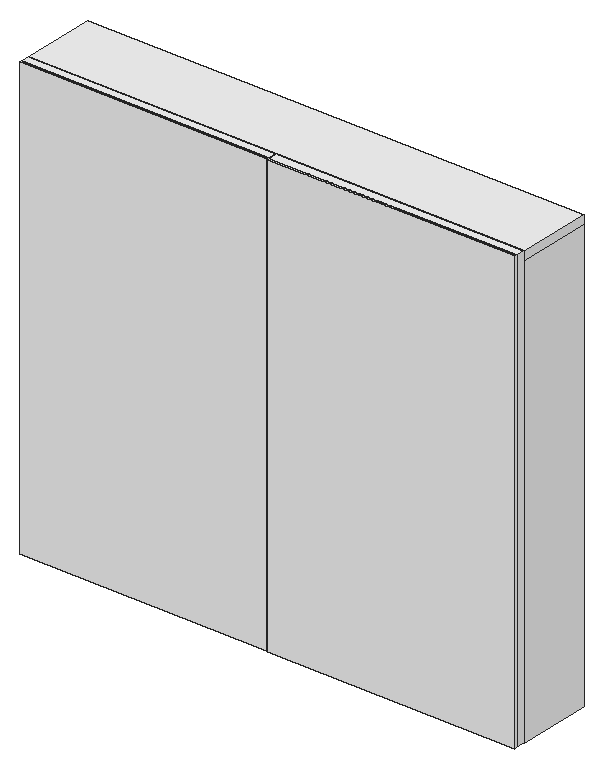
Revit family "Reece_Mirror_Posh_Domaine_Mirror Cabinet", category Casework, Revit 2018
Family settings
  Work Plane-Based = Yes
  Always vertical = Yes
  Cut with Voids When Loaded = Yes
  Shared = Yes
  Room Calculation Point = Yes
Parameters (values of type "900 mm x 800 mm_2 Doors")
  Width = Reece_Overall_Width  # 900 mm
  URL = "https://www.reece.com.au/product/-2351382"
  Type Comments = "Mirror"
  Reece_Shelf_Visibility = yes
  Reece_Product_Web Page = "https://www.reece.com.au/product/-2351382"
  Reece_Product_Type = "Mirror"  # constant formula
  Reece_Product_Sub Brand = "Domaine"  # constant formula
  Reece_Product_Number = "2351382"
  Reece_Product_Mount = "Wall Mounted"
  Reece_Product_Finishes_Web Page = "https://digitalassets.reecegroup.com.au/m/6d9540dd98ec1349/original/Finish-and-Material-Variations-ADP-Shaving-Cabinets-and-Tall-Boy.pdf"
  Reece_Product_Description = "Posh Domaine 900mm x 800mm Shaving Cabinet Standard 2 Door"
  Reece_Product_Brand = "Posh"  # constant formula
  Reece_Panels_Count = 2
  Reece_Panel_Width = ((Reece_Overall_Width - 2 mm) - (Reece_Panels_Count - 1) * 2.5 mm) / Reece_Panels_Count  # 447.75 mm
  Reece_Overall_Width = 900 mm
  Reece_Overall_Height [instance] = 800 mm
  Reece_Overall_Depth = 150 mm  # constant formula
  Reece_Open_Shelf_Height = if((Reece_Has_Open_Shelf), 200 mm, 0 mm)  # 0 mm
  Reece_Material_Shelf = Reece_Glass_Transparent_Grey
  Reece_Material_Colour = Reece_Light_LED_White
  Reece_Magnifying_Mirror_On [instance] = no
  Reece_Material_Secondary = Reece_Plastic_White
  Reece_Material_Main = Reece_Glass_Mirror
  Reece_Material_Cabinet = Reece_Solid_Surface_Matte_White
  Reece_Height_From_Level [instance] = 1000 mm
  Reece_Has_Open_Shelf = no
  Reece_Dividers = if(Reece_Divider_Count = 2, 1 = 1, 1 = 0)  # no
  Reece_Divider_Count = if(or(Reece_Panels_Count = 1, Reece_Panels_Count = 4), 1, Reece_Panels_Count - 1)  # 1
  Reece_Detail_Shape = ""
  Reece_Detail_Installation = ""
  Reece_Detail_Disclaimer = "THIS FILE IS THE PROPERTY OF THE REECE GROUP. IT MAY NOT BE REPRODUCED, REVERSE-ENGINEERED OR MODIFIED. ANY REPUBLICATION, TRANSMISSION OR DISTRIBUTION FOR THE PURPOSE OF COMMERCIALLY EXPLOITING THE FILES IS PROHIBITED."  # constant formula
  Reece_Detail_Connector = ""
  Reece_Detail_Additional = "Please refer to Colour, Finish and Material Variations Document in the Reece_Product_Finishes_Web Page parameter for more information."  # constant formula
  Reece_Central_Divider_Visibility = no
  Reece_Cabinet_Height = 800 mm  # constant formula
  Reece_Bottom_Shelf_Offset = 0 mm  # constant formula
  Reece_Bottom_Shelf_Face_Offset = 0 mm  # constant formula
  Reece_Array_Count = if(Reece_Panels_Count = 1, 2, Reece_Panels_Count)  # 2
  Model = "Domaine"
  Manufacturer = "Posh"
  Keynote = "Product #2351382, Reece_Mirror_Posh_Domaine_Mirror Cabinet - 900 mm x 800 mm_2 Doors"
  Height = Reece_Cabinet_Height + Reece_Open_Shelf_Height  # 800 mm
  Finish = "Please refer to Colour, Finish and Material Variations Document in the Reece_Product_Finishes_Web Page parameter for more information."  # constant formula
  Disclaimer = "THIS FILE IS THE PROPERTY OF THE REECE GROUP. IT MAY NOT BE REPRODUCED, REVERSE-ENGINEERED OR MODIFIED. ANY REPUBLICATION, TRANSMISSION OR DISTRIBUTION FOR THE PURPOSE OF COMMERCIALLY EXPLOITING THE FILES IS PROHIBITED."  # constant formula
  Description = "Posh Domaine 900mm x 800mm Shaving Cabinet Standard 2 Door"
  Depth = Reece_Overall_Depth  # 150 mm
  Default Elevation = 0 mm
Types (17, lengths in mm): name | Width | URL | Reece_Shelf_Visibility | Reece_Product_Web Page | Reece_Product_Number | Reece_Product_Finishes_Web Page | Reece_Product_Description | Reece_Panels_Count | Reece_Panel_Width | Reece_Overall_Width | Reece_Overall_Height | Reece_Open_Shelf_Height | Reece_Magnifying_Mirror_On | Reece_Has_Open_Shelf | Reece_Dividers | Reece_Divider_Count | Reece_Central_Divider_Visibility | Reece_Array_Count | Keynote | Height | Description
  300 mm x 1000 mm_1 Door | 300 | "https://www.reece.com.au/product/-2351370" | yes | "https://www.reece.com.au/product/-2351370" | "2351370" | "https://digitalassets.reecegroup.com.au/m/6d9540dd98ec1349/original/Finish-and-Material-Variations-ADP-Shaving-Cabinets-and-Tall-Boy.pdf" | "Posh Domaine 300mm x 1000mm Shaving Cabinet Open Shelf 1 Door" | 1 | 298 | 300 | 1000 | 200 | yes | yes | no | 1 | no | 2 | "Product #2351370, Reece_Mirror_Posh_Domaine_Mirror Cabinet - 300 mm x 1000 mm_1 Door" | 1000 | "Posh Domaine 300mm x 1000mm Shaving Cabinet Open Shelf 1 Door"
  300 mm x 800 mm_1 Door | 300 | "https://www.reece.com.au/product/-2351377" | no | "https://www.reece.com.au/product/-2351377" | "2351377" | "https://digitalassets.reecegroup.com.au/m/6d9540dd98ec1349/original/Finish-and-Material-Variations-ADP-Shaving-Cabinets-and-Tall-Boy.pdf" | "Posh Domaine 300mm x 800mm Shaving Cabinet Standard 1 Door" | 1 | 298 | 300 | 800 | 0 | yes | no | no | 1 | no | 2 | "Product #2351377, Reece_Mirror_Posh_Domaine_Mirror Cabinet - 300 mm x 800 mm_1 Door" | 800 | "Posh Domaine 300mm x 800mm Shaving Cabinet Standard 1 Door"
  400 mm x 1000 mm_1 Door | 400 | "https://www.reece.com.au/product/-2351371" | yes | "https://www.reece.com.au/product/-2351371" | "2351371" | "https://digitalassets.reecegroup.com.au/m/6d9540dd98ec1349/original/Finish-and-Material-Variations-ADP-Shaving-Cabinets-and-Tall-Boy.pdf" | "Posh Domaine 400mm x 1000mm Shaving Cabinet Open Shelf 1 Door" | 1 | 398 | 400 | 1000 | 200 | yes | yes | no | 1 | no | 2 | "Product #2351371, Reece_Mirror_Posh_Domaine_Mirror Cabinet - 400 mm x 1000 mm_1 Door" | 1000 | "Posh Domaine 400mm x 1000mm Shaving Cabinet Open Shelf 1 Door"
  400 mm x 800 mm_1 Door | 400 | "https://www.reece.com.au/product/-2351378" | yes | "https://www.reece.com.au/product/-2351378" | "2351378" | "https://digitalassets.reecegroup.com.au/m/6d9540dd98ec1349/original/Finish-and-Material-Variations-ADP-Shaving-Cabinets-and-Tall-Boy.pdf" | "Posh Domaine 400mm x 800mm Shaving Cabinet Standard 1 Door" | 1 | 398 | 400 | 800 | 0 | no | no | no | 1 | no | 2 | "Product #2351378, Reece_Mirror_Posh_Domaine_Mirror Cabinet - 400 mm x 800 mm_1 Door" | 800 | "Posh Domaine 400mm x 800mm Shaving Cabinet Standard 1 Door"
  500 mm x 1000 mm_1 Door | 500 | "https://www.reece.com.au/product/-2351372" | yes | "https://www.reece.com.au/product/-2351372" | "2351372" | "https://digitalassets.reecegroup.com.au/m/6d9540dd98ec1349/original/Finish-and-Material-Variations-ADP-Shaving-Cabinets-and-Tall-Boy.pdf" | "Posh Domaine 500mm x 1000mm Shaving Cabinet Open Shelf 1 Door" | 1 | 498 | 500 | 1000 | 200 | yes | yes | no | 1 | no | 2 | "Product #2351372, Reece_Mirror_Posh_Domaine_Mirror Cabinet - 500 mm x 1000 mm_1 Door" | 1000 | "Posh Domaine 500mm x 1000mm Shaving Cabinet Open Shelf 1 Door"
  500 mm x 800 mm_1 Door | 500 | "https://www.reece.com.au/product/-2351379" | yes | "https://www.reece.com.au/product/-2351379" | "2351379" | "https://digitalassets.reecegroup.com.au/m/6d9540dd98ec1349/original/Finish-and-Material-Variations-ADP-Shaving-Cabinets-and-Tall-Boy.pdf" | "Posh Domaine 500mm x 800mm Shaving Cabinet Standard 1 Door" | 1 | 498 | 500 | 800 | 0 | no | no | no | 1 | no | 2 | "Product #2351379, Reece_Mirror_Posh_Domaine_Mirror Cabinet - 500 mm x 800 mm_1 Door" | 800 | "Posh Domaine 500mm x 800mm Shaving Cabinet Standard 1 Door"
  600 mm x 1000 mm_2 Doors | 600 | "https://www.reece.com.au/product/-2351373" | yes | "https://www.reece.com.au/product/-2351373" | "2351373" | "https://digitalassets.reecegroup.com.au/m/6d9540dd98ec1349/original/Finish-and-Material-Variations-ADP-Shaving-Cabinets-and-Tall-Boy.pdf" | "Posh Domaine 600mm x 1000mm Shaving Cabinet Open Shelf 2 Door" | 2 | 297.75 | 600 | 1000 | 200 | yes | yes | no | 1 | no | 2 | "Product #2351373, Reece_Mirror_Posh_Domaine_Mirror Cabinet - 600 mm x 1000 mm_2 Doors" | 1000 | "Posh Domaine 600mm x 1000mm Shaving Cabinet Open Shelf 2 Door"
  600 mm x 800 mm_2 Doors | 600 | "https://www.reece.com.au/product/-2351380" | yes | "https://www.reece.com.au/product/-2351380" | "2351380" | "" | "Posh Domaine 600mm x 800mm Shaving Cabinet Standard 2 Door" | 2 | 297.75 | 600 | 800 | 0 | no | no | no | 1 | no | 2 | "Product #2351380, Reece_Mirror_Posh_Domaine_Mirror Cabinet - 600 mm x 800 mm_2 Doors" | 800 | "Posh Domaine 600mm x 800mm Shaving Cabinet Standard 2 Door"
  750 mm x 1000 mm_2 Doors | 750 | "https://www.reece.com.au/product/-2351374" | yes | "https://www.reece.com.au/product/-2351374" | "2351374" | "https://digitalassets.reecegroup.com.au/m/6d9540dd98ec1349/original/Finish-and-Material-Variations-ADP-Shaving-Cabinets-and-Tall-Boy.pdf" | "Posh Domaine 750mm x 1000mm Open Shelf Shaving Cabinet 2 Door" | 2 | 372.75 | 750 | 1000 | 200 | yes | yes | no | 1 | no | 2 | "Product #2351374, Reece_Mirror_Posh_Domaine_Mirror Cabinet - 750 mm x 1000 mm_2 Doors" | 1000 | "Posh Domaine 750mm x 1000mm Open Shelf Shaving Cabinet 2 Door"
  750 mm x 800 mm_2 Doors | 750 | "https://www.reece.com.au/product/-2351381" | yes | "https://www.reece.com.au/product/-2351381" | "2351381" | "https://digitalassets.reecegroup.com.au/m/6d9540dd98ec1349/original/Finish-and-Material-Variations-ADP-Shaving-Cabinets-and-Tall-Boy.pdf" | "Posh Domaine 750mm x 800mm Shaving Cabinet Standard 2 Door" | 2 | 372.75 | 750 | 800 | 0 | no | no | no | 1 | no | 2 | "Product #2351381, Reece_Mirror_Posh_Domaine_Mirror Cabinet - 750 mm x 800 mm_2 Doors" | 800 | "Posh Domaine 750mm x 800mm Shaving Cabinet Standard 2 Door"
  900 mm x 1000 mm_2 Doors | 900 | "https://www.reece.com.au/product/-2351375" | yes | "https://www.reece.com.au/product/-2351375" | "2351375" | "https://digitalassets.reecegroup.com.au/m/6d9540dd98ec1349/original/Finish-and-Material-Variations-ADP-Shaving-Cabinets-and-Tall-Boy.pdf" | "Posh Domaine 900mm x 1000mm Open Shelf Shaving Cabinet 2 Door" | 2 | 447.75 | 900 | 1000 | 200 | yes | yes | no | 1 | no | 2 | "Product #2351375, Reece_Mirror_Posh_Domaine_Mirror Cabinet - 900 mm x 1000 mm_2 Doors" | 1000 | "Posh Domaine 900mm x 1000mm Open Shelf Shaving Cabinet 2 Door"
  900 mm x 800 mm_2 Doors | 900 | "https://www.reece.com.au/product/-2351382" | yes | "https://www.reece.com.au/product/-2351382" | "2351382" | "https://digitalassets.reecegroup.com.au/m/6d9540dd98ec1349/original/Finish-and-Material-Variations-ADP-Shaving-Cabinets-and-Tall-Boy.pdf" | "Posh Domaine 900mm x 800mm Shaving Cabinet Standard 2 Door" | 2 | 447.75 | 900 | 800 | 0 | no | no | no | 1 | no | 2 | "Product #2351382, Reece_Mirror_Posh_Domaine_Mirror Cabinet - 900 mm x 800 mm_2 Doors" | 800 | "Posh Domaine 900mm x 800mm Shaving Cabinet Standard 2 Door"
  1200 mm x 1000 mm_2 Doors | 1200 | "https://www.reece.com.au/product/-2351376" | yes | "https://www.reece.com.au/product/-2351376" | "2351376" | "https://digitalassets.reecegroup.com.au/m/6d9540dd98ec1349/original/Finish-and-Material-Variations-ADP-Shaving-Cabinets-and-Tall-Boy.pdf" | "Posh Domaine 1200mm x 1000mm Open Shelf Shaving Cabinet 2 Door" | 2 | 597.75 | 1200 | 1000 | 200 | yes | yes | no | 1 | yes | 2 | "Product #2351376, Reece_Mirror_Posh_Domaine_Mirror Cabinet - 1200 mm x 1000 mm_2 Doors" | 1000 | "Posh Domaine 1200mm x 1000mm Open Shelf Shaving Cabinet 2 Door"
  1200 mm x 800 mm_2 Doors | 1200 | "https://www.reece.com.au/product/-2351384" | yes | "https://www.reece.com.au/product/-2351384" | "2351384" | "https://digitalassets.reecegroup.com.au/m/6d9540dd98ec1349/original/Finish-and-Material-Variations-ADP-Shaving-Cabinets-and-Tall-Boy.pdf" | "Posh Domaine 1200mm x 800mm Shaving Cabinet Standard 2 Door" | 2 | 597.75 | 1200 | 800 | 0 | no | no | no | 1 | yes | 2 | "Product #2351384, Reece_Mirror_Posh_Domaine_Mirror Cabinet - 1200 mm x 800 mm_2 Doors" | 800 | "Posh Domaine 1200mm x 800mm Shaving Cabinet Standard 2 Door"
  1200 mm x 800 mm_3 Doors | 1200 | "https://www.reece.com.au/product/-2351385" | yes | "https://www.reece.com.au/product/-2351385" | "2351385" | "https://digitalassets.reecegroup.com.au/m/6d9540dd98ec1349/original/Finish-and-Material-Variations-ADP-Shaving-Cabinets-and-Tall-Boy.pdf" | "Posh Domaine 1200mm x 800mm Shaving Cabinet Standard 3 Door" | 3 | 397.667 | 1200 | 800 | 0 | no | no | yes | 2 | no | 3 | "Product #2351385, Reece_Mirror_Posh_Domaine_Mirror Cabinet - 1200 mm x 800 mm_3 Doors" | 800 | "Posh Domaine 1200mm x 800mm Shaving Cabinet Standard 3 Door"
  1500 mm x 800 mm_3 Doors | 1500 | "https://www.reece.com.au/product/-2351386" | yes | "https://www.reece.com.au/product/-2351386" | "2351386" | "" | "Posh Domaine 1500mm x 800mm Shaving Cabinet Standard 3 Door" | 3 | 497.667 | 1500 | 800 | 0 | no | no | yes | 2 | no | 3 | "Product #2351386, Reece_Mirror_Posh_Domaine_Mirror Cabinet - 1500 mm x 800 mm_3 Doors" | 800 | "Posh Domaine 1500mm x 800mm Shaving Cabinet Standard 3 Door"
  1800 mm x 800 mm_4 Doors | 1800 | "https://www.reece.com.au/product/-2351387" | yes | "https://www.reece.com.au/product/-2351387" | "2351387" | "https://digitalassets.reecegroup.com.au/m/6d9540dd98ec1349/original/Finish-and-Material-Variations-ADP-Shaving-Cabinets-and-Tall-Boy.pdf" | "Posh Domaine 1800mm x 800mm Shaving Cabinet Standard 4 Door" | 4 | 447.625 | 1800 | 800 | 0 | no | no | no | 1 | yes | 4 | "Product #2351387, Reece_Mirror_Posh_Domaine_Mirror Cabinet - 1800 mm x 800 mm_4 Doors" | 800 | "Posh Domaine 1800mm x 800mm Shaving Cabinet Standard 4 Door"
Reference planes
  plane 1 "Center (Front/Back)": y = 0
  plane 2 "Bottom Host Plane": z = 0
  plane 3 "Center (Left/Right)": x = 0
  plane 4 "Left": x = -450
  plane 5 "Front Face": y = -150
  plane 6 "Right": x = 450
  plane 7 "Top Host Plane": z = 1800
  plane 8: y = -16
  plane 9: z = -5
  plane 10: z = 1000
  plane 11: x = -434
  plane 12: x = 434
  plane 13: z = 1800
  plane 14: z = 1000
  plane 15 "Cabinet Face": y = -134
  plane 16: z = 1000
  plane 17: z = 1016
  plane 18: z = 1016
  plane 19: x = -449
  plane 20: x = 449
  plane 21: z = 1784
  plane 22: x = 1.25
  plane 23 "Mirror Vertical CL": x = 225.125
  plane 24: z = 1400
  plane 25: z = 1528
  plane 26: z = 1272
  plane 27 "GPO Vertical CL": x = 280
  plane 28 "GPO Horizontal CL": z = 1188
  plane 29: z = 1530
  plane 30: z = 1529
  plane 31 "Shelf Face": y = -129
  plane 32: z = 1274
  plane 33: z = 1273
  plane 34: x = -1.25
  plane 35: x = 1.25
  plane 36: x = 8
  plane 37: x = -8
  plane 38: x = -16
  plane 39: x = 0
  plane 40: x = 16
  plane 41: x = -1.25
  plane 42: x = 0
  plane 43: x = 16
  plane 44: x = -280
  plane 45: y = -114
  plane 46: y = -104
  plane 47: y = -134
  plane 48: x = 130.125
  plane 49: y = -132.5
  plane 50: z = 1191
Forms (mm)
  Extrusion 1, solid, material "Reece_Solid_Surface_Matte_White" <- "Reece_Material_Cabinet"
    sketch origin (0, 0, 0) x (1, 0, 0) y (0, 0, 1)
      loop
        line (-434, 1784) -> (-434, 1000) -> (434, 1000) -> (434, 1784) -> (-434, 1784)
    from 0 to 16
  Extrusion 2, solid, material "Reece_Solid_Surface_Matte_White" <- "Reece_Material_Cabinet"
    sketch origin (0, 0, 0) x (1, 0, 0) y (0, 0, 1)
      loop
        line (-450, 1784) -> (-450, 1000) -> (-434, 1000) -> (-434, 1784) -> (-450, 1784)
    from 0 to 134
  Extrusion 3, solid, material "Reece_Solid_Surface_Matte_White" <- "Reece_Material_Cabinet"
    sketch origin (0, 0, 0) x (1, 0, 0) y (0, 0, 1)
      loop
        line (434, 1784) -> (434, 1000) -> (450, 1000) -> (450, 1784) -> (434, 1784)
    from 0 to 134
  Extrusion 4, solid, material "Reece_Solid_Surface_Matte_White" <- "Reece_Material_Cabinet", visible <- "Reece_Has_Open_Shelf"
    sketch origin (0, 0, 0) x (1, 0, 0) y (0, 0, 1)
      loop
        line (-450, 1000) -> (-450, 800) -> (-434, 800) -> (-434, 1000) -> (-450, 1000)
    from 0 to 134
  Extrusion 5, solid, material "Reece_Solid_Surface_Matte_White" <- "Reece_Material_Cabinet", visible <- "Reece_Has_Open_Shelf"
    sketch origin (0, 0, 0) x (1, 0, 0) y (0, 0, 1)
      loop
        line (434, 1000) -> (434, 800) -> (450, 800) -> (450, 1000) -> (434, 1000)
    from 0 to 134
  Extrusion 6, solid, material "Reece_Solid_Surface_Matte_White" <- "Reece_Material_Cabinet", visible <- "Reece_Has_Open_Shelf"
    sketch origin (0, 0, 0) x (1, 0, 0) y (0, 0, 1)
      loop
        line (-434, 1016) -> (-434, 1000) -> (434, 1000) -> (434, 1016) -> (-434, 1016)
    from 0 to 134
  Extrusion 7, solid, material "Reece_Solid_Surface_Matte_White" <- "Reece_Material_Cabinet", visible <- "Reece_Has_Open_Shelf"
    sketch origin (0, 0, 0) x (1, 0, 0) y (0, 0, 1)
      loop
        line (-434, 1000) -> (434, 1000) -> (434, 1016) -> (-434, 1016) -> (-434, 1000)
    from 0 to 16
  Extrusion 8, solid, material "Reece_Glass_Mirror" <- "Reece_Material_Main"
    sketch origin (60.75, 365, 300) x (1, 0, 0) y (0, 0, 1)
      loop
        line (-509.75, 1500) -> (-509.75, 700) -> (-62, 700) -> (-62, 1500) -> (-509.75, 1500)
    from 515 to 519
  Extrusion 9, solid, material "Reece_Glass_Mirror" <- "Reece_Material_Main"
    sketch origin (511, 365, 300) x (1, 0, 0) y (0, 0, 1)
      loop
        line (-509.75, 1500) -> (-509.75, 700) -> (-62, 700) -> (-62, 1500) -> (-509.75, 1500)
    from 515 to 519
  Extrusion 10, solid, material "Reece_Solid_Surface_Matte_White" <- "Reece_Material_Cabinet"
    sketch origin (0, 0, 0) x (1, 0, 0) y (0, 0, 1)
      loop
        line (-450, 1800) -> (-450, 1784) -> (450, 1784) -> (450, 1800) -> (-450, 1800)
    from 0 to 134
  Extrusion 11, solid, material "Reece_Solid_Surface_Matte_White" <- "Reece_Material_Cabinet"
    sketch origin (60.75, 377.555, 300) x (1, 0, 0) y (0, 0, 1)
      loop
        line (-509.75, 1500) -> (-509.75, 700) -> (-62, 700) -> (-62, 1500) -> (-509.75, 1500)
    from 511.555 to 527.555
  Extrusion 12, solid, material "Reece_Solid_Surface_Matte_White" <- "Reece_Material_Cabinet"
    sketch origin (511, 377.555, 300) x (1, 0, 0) y (0, 0, 1)
      loop
        line (-509.75, 1500) -> (-509.75, 700) -> (-62, 700) -> (-62, 1500) -> (-509.75, 1500)
    from 511.555 to 527.555
  Extrusion 13, solid, material "Reece_Solid_Surface_Matte_White" <- "Reece_Material_Cabinet"
    sketch origin (0, 0, 0) x (1, 0, 0) y (0, 0, 1)
      loop
        line (-434, 1016) -> (-434, 1000) -> (434, 1000) -> (434, 1016) -> (-434, 1016)
    from 16 to 134
  Extrusion 14, solid, material "Reece_Glass_Transparent_Grey" <- "Reece_Material_Shelf", visible <- "Reece_Shelf_Visibility"
    sketch origin (0, 0, 0) x (1, 0, 0) y (0, 0, 1)
      loop
        line (-434, 1530) -> (-434, 1528) -> (434, 1528) -> (434, 1530) -> (-434, 1530)
    from 16 to 129
  Extrusion 15, solid, material "Reece_Glass_Transparent_Grey" <- "Reece_Material_Shelf", visible <- "Reece_Shelf_Visibility"
    sketch origin (0, 0, 0) x (1, 0, 0) y (0, 0, 1)
      loop
        line (-434, 1274) -> (-434, 1272) -> (434, 1272) -> (434, 1274) -> (-434, 1274)
    from 16 to 129
  Extrusion 16, solid, material "Reece_Solid_Surface_Matte_White" <- "Reece_Material_Cabinet", visible <- "Reece_Central_Divider_Visibility"
    sketch origin (0, 0, 0) x (1, 0, 0) y (0, 0, 1)
      loop
        line (-8, 1784) -> (-8, 1016) -> (8, 1016) -> (8, 1784) -> (-8, 1784)
    from 16 to 134
  Extrusion 17, solid, material "Reece_Solid_Surface_Matte_White" <- "Reece_Material_Cabinet", visible <- "Reece_Dividers"
    sketch origin (0, 0, 0) x (1, 0, 0) y (0, 0, 1)
      loop
        line (-16, 1784) -> (-16, 1016) -> (0, 1016) -> (0, 1784) -> (-16, 1784)
    from 16 to 134
  Extrusion 18, solid, material "Reece_Solid_Surface_Matte_White" <- "Reece_Material_Cabinet", visible <- "Reece_Dividers"
    sketch origin (0, 0, 0) x (1, 0, 0) y (0, 0, 1)
      loop
        line (0, 1784) -> (0, 1016) -> (16, 1016) -> (16, 1784) -> (0, 1784)
    from 16 to 134
  Extrusion 19, solid, material "Reece_Solid_Surface_Matte_White" <- "Reece_Material_Cabinet", visible <- "Reece_Dividers"
    sketch origin (0, 0, 0) x (1, 0, 0) y (0, 0, 1)
      loop
        line (0, 1784) -> (0, 1016) -> (16, 1016) -> (16, 1784) -> (0, 1784)
    from 16 to 134
  Extrusion 20, solid, material "Reece_Glass_Mirror" <- "Reece_Material_Main", visible <- "Reece_Magnifying_Mirror_On"
    sketch origin (300.25, 0, 470) x (1, 0, 0) y (0, 0, 1)
      loop
        circle (-75.125, 721) r 95
    from 132.5 to 134
Lines and regions (mm)
  model lines, style "InvisibleLines"
    curve 1: line (0, 0, -5) -> (0, 0, 1000)
Text (mm)
  text "Reece ©" at (2750.254, -2396.412, 2870.147), in view "Reece Preview"
  text "Reece Copyright © 2018, Reece Ltd." at (-526.759, -443.435, 0), in view "Ref. Level"
Dimensions and locks
  "Reece_Overall_Width": plane 6 "Right" to plane 4 "Left"
  equal spacing: plane 6 "Right", plane 3 "Center (Left/Right)", plane 4 "Left"
  "Reece_Overall_Depth": plane 1 "Center (Front/Back)" to plane 5 "Front Face"
  "Reece_Overall_Depth": plane 5 "Front Face" to plane 1 "Center (Front/Back)"
  locked: plane 1 "Center (Front/Back)" to plane 8 at 16
  locked: plane 11 to plane 4 "Left" at 16
  locked: plane 12 to plane 6 "Right" at 16
  "Reece_Bottom_Shelf_Offset": plane 14 to plane 10
  "Reece_Open_Shelf_Height": plane 10 to plane 16
  "Reece_Height_From_Level": plane 16 to plane 2 "Bottom Host Plane"
  "Reece_Cabinet_Height": plane 7 "Top Host Plane" to plane 10
  Extrusion 2 to Extrusion 4 sketch curve = 200 mm
  plane 10 to Extrusion 5 sketch curve = 200 mm
  locked: plane 17 to plane 16 at 16
  locked: plane 18 to plane 14 at 16
  locked: plane 19 to plane 4 "Left" at 1
  locked: plane 20 to plane 6 "Right" at 1
  locked: plane 15 "Cabinet Face" to plane 5 "Front Face" at 16
  "Reece_Panel_Width": Extrusion 8 sketch curve to Extrusion 8 sketch curve
  "Reece_Cabinet_Height": Extrusion 8 sketch curve to Extrusion 8 sketch curve
  "Reece_Overall_Height": plane 7 "Top Host Plane" to plane 16
  "Reece_Panel_Width": Extrusion 9 sketch curve to Extrusion 9 sketch curve
  "Reece_Cabinet_Height": Extrusion 9 sketch curve to Extrusion 9 sketch curve
  group 1 to group 2 = 450.25 mm
  group 1 to group 2 = 0 mm  (x2)
  locked: plane 13 to plane 21 at 16
  "Reece_Panel_Width": Extrusion 11 sketch curve to Extrusion 11 sketch curve
  "Reece_Cabinet_Height": Extrusion 11 sketch curve to Extrusion 11 sketch curve
  "Reece_Panel_Width": Extrusion 12 sketch curve to Extrusion 12 sketch curve
  "Reece_Cabinet_Height": Extrusion 12 sketch curve to Extrusion 12 sketch curve
  "Reece_Panel_Width": plane 22 to plane 20
  equal spacing: plane 20, plane 23 "Mirror Vertical CL", plane 22
  equal spacing: plane 13, plane 24, plane 14
  equal spacing: plane 21, plane 25, plane 26, plane 18
  locked: plane 27 "GPO Vertical CL" to plane 6 "Right" at 170
  locked: plane 28 "GPO Horizontal CL" to plane 14 at 188
  equal spacing: plane 29, plane 30, plane 25
  locked: plane 31 "Shelf Face" to plane 15 "Cabinet Face" at 5
  equal spacing: plane 32, plane 33, plane 26
  locked: plane 29 to plane 25 at 2
  locked: plane 32 to plane 26 at 2
  "Reece_Panel_Width": plane 19 to plane 34
  locked: plane 35 to plane 34 at 2.5
  equal spacing: plane 36, plane 3 "Center (Left/Right)", plane 37
  locked: plane 36 to plane 37 at 16
  equal spacing: plane 35, plane 39, plane 34
  locked: plane 39 to plane 38 at 16
  locked: plane 40 to plane 39 at 16
  locked: plane 22 to plane 41 at 2.5
  equal spacing: plane 22, plane 42, plane 41
  locked: plane 43 to plane 42 at 16
  locked: plane 44 to plane 4 "Left" at 170
  locked: plane 45 to plane 15 "Cabinet Face" at 20
  plane 46 to plane 45 = 10 mm
  "Reece_Bottom_Shelf_Face_Offset": plane 47 to plane 15 "Cabinet Face"
  locked: plane 23 "Mirror Vertical CL" to plane 48 at 95
  locked: plane 15 "Cabinet Face" to plane 49 at 1.5
  locked: plane 50 to plane 18 at 175
  radius of Extrusion 20 sketch curve = 95 mm
  aligned and locked: plane 9 to curve 1
  aligned and locked: Extrusion 1 sketch curve to plane 11
  aligned and locked: Extrusion 1 sketch curve to plane 12
  aligned and locked: Extrusion 2 to plane 4 "Left"
  aligned and locked: Extrusion 2 to plane 11
  aligned and locked: Extrusion 2 to plane 10
  aligned and locked: plane 6 "Right" to Extrusion 3 sketch curve
  aligned and locked: plane 10 to Extrusion 3 sketch curve
  aligned and locked: plane 12 to Extrusion 3 sketch curve
  aligned and locked: Extrusion 2 to plane 15 "Cabinet Face"
  aligned and locked: plane 16 to curve 1
  aligned and locked: Extrusion 4 sketch curve to plane 10
  aligned and locked: plane 4 "Left" to Extrusion 4 sketch curve
  aligned and locked: plane 11 to Extrusion 4 sketch curve
  aligned and locked: Extrusion 5 sketch curve to plane 10
  aligned and locked: plane 12 to Extrusion 5 sketch curve
  aligned and locked: plane 6 "Right" to Extrusion 5 sketch curve
  aligned and locked: Extrusion 6 sketch curve to plane 12
  aligned and locked: plane 17 to Extrusion 6 sketch curve
  aligned and locked: Extrusion 6 sketch curve to plane 11
  aligned and locked: plane 16 to Extrusion 6 sketch curve
  aligned and locked: Extrusion 4 to plane 15 "Cabinet Face"
  aligned and locked: Extrusion 5 to plane 15 "Cabinet Face"
  aligned and locked: Extrusion 4 to plane 1 "Center (Front/Back)"
  aligned and locked: Extrusion 6 to plane 1 "Center (Front/Back)"
  aligned and locked: Extrusion 7 sketch curve to plane 17
  aligned and locked: Extrusion 7 sketch curve to plane 11
  aligned and locked: Extrusion 7 sketch curve to plane 10
  aligned and locked: Extrusion 7 sketch curve to plane 12
  aligned and locked: Extrusion 7 to plane 8
  aligned and locked: plane 19 to Extrusion 8  (x2)
  aligned and locked: Extrusion 8 to plane 7 "Top Host Plane"
  aligned and locked: Extrusion 8 to plane 5 "Front Face"
  aligned and locked: Extrusion 9 to plane 20
  aligned and locked: Extrusion 9 to plane 7 "Top Host Plane"
  aligned and locked: plane 21 to Extrusion 10 sketch curve
  aligned and locked: Extrusion 10 sketch curve to plane 13
  aligned and locked: Extrusion 11 to Extrusion 8
  aligned and locked: plane 15 "Cabinet Face" to Extrusion 11
  aligned and locked: Extrusion 12 to Extrusion 9
  aligned and locked: plane 19 to Extrusion 11
  aligned and locked: Extrusion 11 to plane 7 "Top Host Plane"
  aligned and locked: Extrusion 13 sketch curve to plane 12
  aligned and locked: Extrusion 13 sketch curve to plane 18
  aligned and locked: plane 14 to Extrusion 13 sketch curve
  aligned and locked: Extrusion 13 sketch curve to plane 11
  aligned and locked: plane 8 to Extrusion 13
  aligned and locked: Extrusion 14 sketch curve to plane 11
  aligned and locked: Extrusion 14 sketch curve to plane 29
  aligned and locked: plane 8 to Extrusion 14
  aligned and locked: plane 31 "Shelf Face" to Extrusion 14
  aligned and locked: Extrusion 14 sketch curve to plane 12
  aligned and locked: Extrusion 15 sketch curve to plane 11
  aligned and locked: plane 26 to Extrusion 15 sketch curve
  aligned and locked: Extrusion 15 sketch curve to plane 32
  aligned and locked: Extrusion 15 sketch curve to plane 12
  aligned and locked: plane 31 "Shelf Face" to Extrusion 15
  aligned and locked: plane 8 to Extrusion 15
  aligned and locked: plane 25 to Extrusion 14 sketch curve
  aligned and locked: plane 18 to Extrusion 16 sketch curve
  aligned and locked: Extrusion 16 sketch curve to plane 36
  aligned and locked: plane 37 to Extrusion 16 sketch curve
  aligned and locked: Extrusion 16 sketch curve to plane 21
  aligned and locked: Extrusion 16 to plane 15 "Cabinet Face"
  aligned and locked: plane 8 to Extrusion 16
  aligned and locked: Extrusion 17 sketch curve to plane 39
  aligned and locked: plane 18 to Extrusion 17 sketch curve
  aligned and locked: plane 38 to Extrusion 17 sketch curve
  aligned and locked: Extrusion 17 sketch curve to plane 21
  aligned and locked: plane 40 to Extrusion 18 sketch curve
  aligned and locked: plane 18 to Extrusion 18 sketch curve
  aligned and locked: Extrusion 18 sketch curve to plane 21
  aligned and locked: plane 39 to Extrusion 18 sketch curve
  aligned and locked: Extrusion 18 to plane 15 "Cabinet Face"
  aligned and locked: Extrusion 17 to plane 15 "Cabinet Face"
  aligned and locked: Extrusion 19 sketch curve to plane 43
  aligned and locked: plane 42 to Extrusion 19 sketch curve
  aligned and locked: Extrusion 19 sketch curve to plane 21
  aligned and locked: plane 18 to Extrusion 19 sketch curve
  aligned and locked: Extrusion 19 to plane 15 "Cabinet Face"
  aligned and locked: plane 8 to Extrusion 19
  aligned and locked: plane 15 "Cabinet Face" to Extrusion 12
  aligned and locked: Extrusion 13 to plane 47
  aligned and locked: Extrusion 6 to plane 15 "Cabinet Face"
  aligned and locked: Extrusion 20 to plane 15 "Cabinet Face"
  aligned and locked: plane 49 to Extrusion 20
  aligned and locked: plane 8 to Extrusion 17
  aligned and locked: plane 8 to Extrusion 18
  aligned and locked: plane 50 to Extrusion 20
  aligned and locked: plane 23 "Mirror Vertical CL" to Extrusion 20 sketch curve
  aligned and locked: plane 13 to plane 7 "Top Host Plane"
  aligned and locked: Extrusion 10 to plane 4 "Left"
  aligned and locked: plane 21 to Extrusion 2
  aligned and locked: plane 21 to Extrusion 3
  aligned and locked: Extrusion 10 to plane 1 "Center (Front/Back)"
  aligned and locked: plane 21 to Extrusion 1
Automatic sketch dimensions
  Extrusion 1 sketch curve to plane 10 = 0 mm
  Extrusion 2 sketch curve to plane 4 "Left" = 0 mm
  Extrusion 2 sketch curve to plane 10 = 0 mm
  plane 11 to Extrusion 2 sketch curve = 0 mm
  plane 7 "Top Host Plane" to Extrusion 2 sketch curve = 16 mm
  curve 1 to plane 3 "Center (Left/Right)" = 0 mm
  Extrusion 20 sketch curve to plane 50 = 0 mm
  plane 12 to Extrusion 10 sketch curve = 16 mm
  plane 4 "Left" to Extrusion 10 sketch curve = 0 mm
  plane 21 to Extrusion 3 sketch curve = 0 mm
  plane 21 to Extrusion 1 sketch curve = 0 mm
